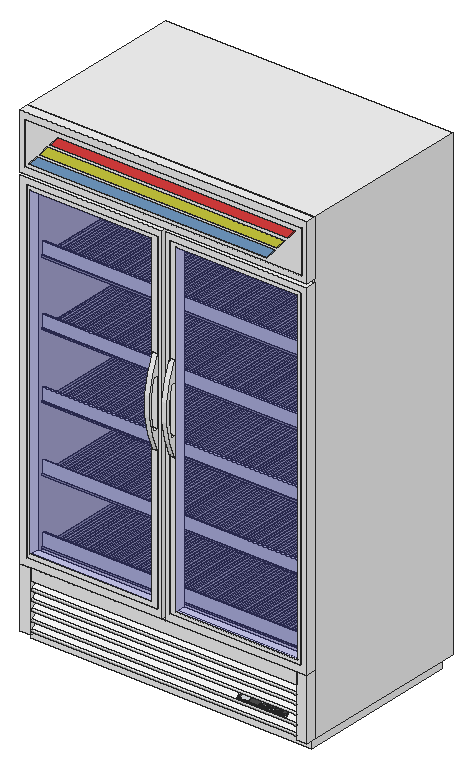
Revit family "QF_TRUE_GDM-43F-HC~TSL01", category Specialty Equipment, Revit 2016
Family settings
  Part Type = Normal
  Round Connector Dimension = Use Diameter
  Work Plane-Based = No
  Always vertical = Yes
  Cut with Voids When Loaded = No
  Shared = No
  Room Calculation Point = No
Parameters
  Weight in Pounds = 550
  Watts = if(Phase = 3, Volts * FL Amps * 1.73, Volts * FL Amps)  # 1219 W
  Volts = 115 V
  URL Cutsheet = ""
  Specification by User = ""
  Specification by Manufacturer = ""
  Show Default Legs [instance] = if(or(Show 6 Inches Standard Legs, Show 2.5 Inches Castors), or(Show 4 Inches Castors, and(Show 6 Inches Standard Legs, Show 2.5 Inches Castors), and(Show 2.5 Inches Castors, Show 6 Inches Seismic Flanged Legs)), if(Show 4 Inches Castors, Show 6 Inches Seismic Flanged Legs, not(Show 6 Inches Seismic Flanged Legs)))  # yes
  Show Clearance [instance] = yes
  Show 6 Inches Standard Legs [instance] = no
  Show 6 Inches Seismic Flanged Legs [instance] = no
  Show 4 Inches Castors [instance] = no
  Show 2.5 Inches Castors [instance] = no
  Serial Number = ""
  Seismic Rating = ""
  SMACNA No = ""
  Revision Code = ""
  Phase = 1
  Number of Poles = 1
  NAFEM Spec ID Number = ""
  Model = "GDM-43F-HC~TSL01"
  Min Ckt Ampacity = 0 A
  Max Overcurrent Protection = 0 A
  Materials and Finishes = QF_Plastic - White - Smooth
  Masterspec = ""
  Manufacturer = "TRUE"
  Length = 47 1/8"
  Item Number = ""
  Installed By = ""
  Identify Quantity as Lot = yes
  Height [instance] = Body Height + Base Height  # 78 5/8"
  HP = "1/2"
  Furnished By = ""
  Foodservice Equipment Identifier = yes
  FL Amps = 10.6 A
  Electrical Remarks = ""
  Electric Connection Type = ""
  Elec Conn RI Height = 0"
  Elec Conn Connection Height = 0"
  Description = "SWING DOOR FREEZER WITH HYDROCARBON REFRIGERANT~TRUE STANDARD LOOK VERSION 01"
  Depth = 29 7/8"
  Cycle = 60 Hz
  Conn Plug = "NEMA 5-20P"
  Conn Conduit = yes
  CSI MasterFormat = ""
  Body Height [instance] = 78 5/16"  # constant formula
  Base Height [instance] = if(Show Default Legs, 5/16", if(Show 2.5 Inches Castors, 2 1/2", if(Show 6 Inches Standard Legs, 6", if(Show 4 Inches Castors, 4", if(Show 6 Inches Seismic Flanged Legs, 6", 5" / 16)))))  # 5/16"
  Apparent Power = if(Phase = 3, Volts * FL Amps * 1.73, Volts * FL Amps)  # 1219 VA
  6 Inches Standard Legs [instance] = and(Show 6 Inches Standard Legs, not(Show Default Legs))  # no
  6 Inches Seismic Flanged Legs [instance] = and(Show 6 Inches Seismic Flanged Legs, not(Show Default Legs))  # no
  4 Inches Castors [instance] = and(Show 4 Inches Castors, not(Show Default Legs))  # no
  2.5 Inches Casters [instance] = and(Show 2.5 Inches Castors, not(Show Default Legs))  # no
Reference planes (in)
  plane 1 "BACK": y = 0
  plane 2: z = 0
  plane 3 "LEFT": x = 0
  plane 4 "RIGHT": x = 47.125
  plane 5 "FRONT": y = -29.875
  plane 6 "TOP": z = 0.3125
  plane 7 "Center Y": x = 23.5625
  plane 8 "Center X": y = -14.9375
  plane 9: z = 78.625
Dimensions and locks (in)
  equal spacing: plane 3 "LEFT", plane 7 "Center Y", plane 4 "RIGHT"
  "Length": plane 3 "LEFT" to plane 4 "RIGHT"
  equal spacing: plane 5 "FRONT", plane 8 "Center X", plane 1 "BACK"
  "Depth": plane 5 "FRONT" to plane 1 "BACK"
  "Base Height": plane 6 "TOP" to level
  "Body Height": plane 9 to plane 6 "TOP"
  aligned and locked: plane 2 to level
  aligned and locked: plane 6 "TOP" to nested 1
  aligned and locked: plane 9 to nested 1
Nested families (in)
  nested 1: "GDM-43F-HC~TSL01" at (0, 0, 0), Show Clearance <- "Show Clearance", Materials and Finishes <- "Materials and Finishes", type "GDM-43F-HC~TSL01"
    with Show Clearance yes, Materials and Finishes QF_Plastic - White - Smooth
  nested 2: "CASTER-LEGS" at (2.3318, -25.87557, 0), Show Siesmic Flanged <- "Show 6 Inches Seismic Flanged Legs", Show 6 Inches Legs <- "Show 6 Inches Standard Legs", Show 4" Casters <- "Show 4 Inches Castors", Show 2.5 Casters <- "Show 2.5 Inches Castors", type "CASTER-LEGS"
    with Type Mark "", Status "", Specification by User "", Show Siesmic Flanged no, Show 6 Inches Legs no, Show 4" Casters no, Show 2.5 Casters no, Revision Code "", Low Profile yes, Item Number "", Installed By "", Identify Quantity as Lot yes, Furnished By "", Foodservice Equipment Identifier yes
  nested 3: "CASTER-LEGS" at (44.79837, -25.87557, 0), Show Siesmic Flanged <- "Show 6 Inches Seismic Flanged Legs", Show 6 Inches Legs <- "Show 6 Inches Standard Legs", Show 4" Casters <- "Show 4 Inches Castors", Show 2.5 Casters <- "Show 2.5 Inches Castors", type "CASTER-LEGS"
    with Type Mark "", Status "", Specification by User "", Show Siesmic Flanged no, Show 6 Inches Legs no, Show 4" Casters no, Show 2.5 Casters no, Revision Code "", Low Profile yes, Item Number "", Installed By "", Identify Quantity as Lot yes, Furnished By "", Foodservice Equipment Identifier yes
  nested 4: "CASTER-LEGS" at (2.3318, -2.87557, 0), Show Siesmic Flanged <- "Show 6 Inches Seismic Flanged Legs", Show 6 Inches Legs <- "Show 6 Inches Standard Legs", Show 4" Casters <- "Show 4 Inches Castors", Show 2.5 Casters <- "Show 2.5 Inches Castors", type "CASTER-LEGS"
    with Type Mark "", Status "", Specification by User "", Show Siesmic Flanged no, Show 6 Inches Legs no, Show 4" Casters no, Show 2.5 Casters no, Revision Code "", Low Profile yes, Item Number "", Installed By "", Identify Quantity as Lot yes, Furnished By "", Foodservice Equipment Identifier yes
  nested 5: "CASTER-LEGS" at (44.79837, -2.87557, 0), Show Siesmic Flanged <- "Show 6 Inches Seismic Flanged Legs", Show 6 Inches Legs <- "Show 6 Inches Standard Legs", Show 4" Casters <- "Show 4 Inches Castors", Show 2.5 Casters <- "Show 2.5 Inches Castors", type "CASTER-LEGS"
    with Type Mark "", Status "", Specification by User "", Show Siesmic Flanged no, Show 6 Inches Legs no, Show 4" Casters no, Show 2.5 Casters no, Revision Code "", Low Profile yes, Item Number "", Installed By "", Identify Quantity as Lot yes, Furnished By "", Foodservice Equipment Identifier yes
Connectors (in)
  electrical at (23.5625, 0.32603, 5.97202), driven by "Volts", driven by "Watts"
    settings: on nested 1, index 1, voltage 115 V, apparent load 1219 VA, apparent load phase1 0 VA, apparent load phase2 0 VA, apparent load phase3 0 VA, power factor 1, load classification "Other", number of poles 1, system type 30, power factor state 1, is connector primary yes, connector utility no, sub classification motor no, connector description "ELECTRICAL CONNECTION"
Definition of nested family "GDM-43F-HC~TSL01"
  Parameters (values of type "GDM-43F-HC~TSL01")
    Weight in Pounds = 0
    Watts = if(Phase = 3, Volts * FL Amps * 1.73, Volts * FL Amps)  # 230 W
    Volts = 115 V
    URL Cutsheet = ""
    Specification by User = ""
    Specification by Manufacturer = ""
    Show Logo [instance] = yes
    Show Default Legs [instance] = yes
    Show Clearance [instance] = yes
    Serial Number = ""
    Seismic Rating = ""
    SMACNA No = ""
    Revision Code = ""
    Phase = 1
    Number of Poles = 1
    NAFEM Spec ID Number = ""
    Model = ""
    Min Ckt Ampacity = 0 A
    Max Overcurrent Protection = 0 A
    Materials and Finishes [instance] = none
    Masterspec = ""
    Manufacturer = ""
    Length = 47 1/8"
    Item Number = ""
    Installed By = ""
    Identify Quantity as Lot = yes
    Height = 78 5/8"
    HP = "1/4"
    Furnished By = ""
    Foodservice Equipment Identifier = yes
    FL Amps = 2 A
    Electrical Remarks = ""
    Electric Connection Type = ""
    Elec Conn RI Height = 0"
    Elec Conn Connection Height = 0"
    Description = ""
    Depth = 29 7/8"
    Cycle = 60 Hz
    Conn Plug = "5-15P"
    Conn Conduit = yes
    CSI MasterFormat = ""
    Apparent Power = if(Phase = 3, Volts * FL Amps * 1.73, Volts * FL Amps)  # 230 VA
  Reference planes (in)
    plane 1 "BACK": y = 0
    plane 2: z = 0
    plane 3 "LEFT": x = 0
    plane 4 "RIGHT": x = 47.125
    plane 5 "FRONT": y = -29.875
    plane 6 "TOP": z = 78.625
    plane 7 "Center Y": x = 23.5625
    plane 8 "Center X": y = -14.9375
    plane 9: z = 0.3125
    plane 10: y = -31.5
    plane 11: y = -51.375
  Forms (in)
    Extrusion 1, solid, material <- "Materials and Finishes"
      sketch origin (0, 1.625, 0) x (1, 0, 0) y (0, 0, 1)
        loop
          line (0, 78.625) -> (0, 1.91181) -> (47.125, 1.91181) -> (47.125, 78.625) -> (0, 78.625)
        loop
          line (1.08719, 69.5094) -> (1.08719, 12.99299) -> (46.03781, 12.99299) -> (46.03781, 69.5094) -> (1.08719, 69.5094)
      from 1.625 to 29.875
    Extrusion 2, solid, material <- "Materials and Finishes"
      sketch origin (0, -28.25, 0) x (1, 0, 0) y (0, 0, 1)
        loop
          line (0, 78.625) -> (0, 69.5094) -> (47.125, 69.5094) -> (47.125, 78.625) -> (0, 78.625)
        loop
          line (0.73362, 77.46399) -> (0.73362, 70.46399) -> (46.23362, 70.46399) -> (46.23362, 77.46399) -> (0.73362, 77.46399)
      from 1.625 to 0
    Extrusion 3, solid
      sketch origin (0, -28.25, 0) x (1, 0, 0) y (0, 0, 1)
        loop
          line (4.86851, 75.12294) -> (43.91739, 75.12294) -> (45.17604, 76.62294) -> (6.12716, 76.62294) -> (4.86851, 75.12294)
      from 1.625 to 0
    Extrusion 4, solid, material <- "Materials and Finishes"
      sketch origin (0, -28.25, 0) x (1, 0, 0) y (0, 0, 1)
        loop
          line (0.73362, 77.46399) -> (0.73362, 70.46399) -> (46.23362, 70.46399) -> (46.23362, 77.46399) -> (0.73362, 77.46399)
        loop
          line (4.86851, 75.12294) -> (43.91739, 75.12294) -> (45.17604, 76.62294) -> (6.12716, 76.62294) -> (4.86851, 75.12294)
        loop
          line (3.19031, 73.12294) -> (42.23919, 73.12294) -> (43.49784, 74.62294) -> (4.44896, 74.62294) -> (3.19031, 73.12294)
        loop
          line (1.51211, 71.12294) -> (40.56099, 71.12294) -> (41.81964, 72.62294) -> (2.77076, 72.62294) -> (1.51211, 71.12294)
      from 1.625 to 0
    Extrusion 5, solid
      sketch origin (0, -28.25, 0) x (1, 0, 0) y (0, 0, 1)
        loop
          line (3.19031, 73.12294) -> (42.23919, 73.12294) -> (43.49784, 74.62294) -> (4.44896, 74.62294) -> (3.19031, 73.12294)
      from 1.625 to 0
    Extrusion 6, solid
      sketch origin (0, -28.25, 0) x (1, 0, 0) y (0, 0, 1)
        loop
          line (1.51211, 71.12294) -> (40.56099, 71.12294) -> (41.81964, 72.62294) -> (2.77076, 72.62294) -> (1.51211, 71.12294)
      from 1.625 to 0
    Extrusion 7, solid, material <- "Materials and Finishes"
      sketch origin (0, -28.25, 0) x (1, 0, 0) y (0, 0, 1)
        loop
          line (0, 11.86572) -> (0, 1.91181) -> (1.73646, 1.91181) -> (1.73646, 11.86572) -> (0, 11.86572)
        loop
          line (47.125, 11.86572) -> (45.38854, 11.86572) -> (45.38854, 1.91181) -> (47.125, 1.91181) -> (47.125, 11.86572)
      from 0 to 1.625
    Extrusion 8, solid, material <- "Materials and Finishes"
      sketch origin (0, -28.25, 0) x (1, 0, 0) y (0, 0, 1)
        loop
          line (1.73646, 11.86572) -> (1.73646, 9.96741) -> (45.38854, 9.96741) -> (45.38854, 11.86572) -> (1.73646, 11.86572)
      from 0 to 1.625
    Extrusion 9, solid, material <- "Materials and Finishes"
      sketch origin (0, -28.25, 0) x (1, 0, 0) y (0, 0, 1)
        loop
          line (0, 11.86572) -> (23.25, 11.86572) -> (23.25, 69.0094) -> (0, 69.0094) -> (0, 11.86572)
        loop
          line (22.58719, 68.01433) -> (1.08719, 68.01433) -> (1.08719, 12.99299) -> (22.58719, 12.99299) -> (22.58719, 68.01433)
      from 1.625 to 0
    Extrusion 10, solid, material <- "Materials and Finishes"
      sketch origin (47.125, -28.25, 0) x (-1, 0, 0) y (0, 0, -1)
        loop
          line (0, -11.86572) -> (0, -69.0094) -> (23.25, -69.0094) -> (23.25, -11.86572) -> (0, -11.86572)
        loop
          line (22.58719, -68.01433) -> (22.58719, -12.99299) -> (1.08719, -12.99299) -> (1.08719, -68.01433) -> (22.58719, -68.01433)
      from 1.625 to 0
    Extrusion 11, solid, material <- "Materials and Finishes"
      sketch origin (0, -28.25, 0) x (1, 0, 0) y (0, 0, 1)
        loop
          line (22.58719, 68.01433) -> (1.08719, 68.01433) -> (1.08719, 12.99299) -> (22.58719, 12.99299) -> (22.58719, 68.01433)
        loop
          line (1.56873, 67.3112) -> (1.56873, 13.69484) -> (21.56873, 13.69484) -> (21.56873, 67.3112) -> (1.56873, 67.3112)
        loop
          line (24.53781, 68.01433) -> (24.53781, 12.99299) -> (46.03781, 12.99299) -> (46.03781, 68.01433) -> (24.53781, 68.01433)
        loop
          line (45.55627, 67.3112) -> (25.55627, 67.3112) -> (25.55627, 13.69484) -> (45.55627, 13.69484) -> (45.55627, 67.3112)
      from 1.50681 to 0
    Extrusion 12, solid
      sketch origin (0, -29.75681, 0) x (1, 0, 0) y (0, 0, 1)
        loop
          line (1.56873, 67.3112) -> (1.56873, 13.69484) -> (21.56873, 13.69484) -> (21.56873, 67.3112) -> (1.56873, 67.3112)
        loop
          line (45.55627, 67.3112) -> (25.55627, 67.3112) -> (25.55627, 13.69484) -> (45.55627, 13.69484) -> (45.55627, 67.3112)
      from -0.25 to 0
    Extrusion 13, solid, material <- "Materials and Finishes"
      sketch origin (0, 0, 0) x (-1, 0, 0) y (0, 0, 1)
        loop
          line (-46.03781, 12.99299) -> (-1.08719, 12.99299) -> (-1.08719, 69.5094) -> (-46.03781, 69.5094) -> (-46.03781, 12.99299)
      from 0 to -0.25
    Extrusion 14, solid, material <- "Materials and Finishes"
      sketch origin (1.73646, -28.25, 11.86572) x (0, 0, -1) y (0, 1, 0)
        loop
          line (2.03924, 0) -> (3.03698, -1.47921)
          arc (3.03698, -1.47921) -> (3.38404, -1.54667) -> (3.4515, -1.19961) r 0.25
          line (3.4515, -1.19961) -> (2.64235, 0) -> (2.03924, 0)
        loop
          line (3.54027, 0) -> (4.54111, -1.4838)
          arc (4.54111, -1.4838) -> (4.88816, -1.55126) -> (4.95562, -1.20421) r 0.25
          line (4.95562, -1.20421) -> (4.14338, 0) -> (3.54027, 0)
        loop
          line (5.05723, 0) -> (6.03901, -1.45555)
          arc (6.03901, -1.45555) -> (6.38607, -1.52301) -> (6.45353, -1.17595) r 0.25
          line (6.45353, -1.17595) -> (5.66034, 0) -> (5.05723, 0)
        loop
          line (6.57419, 0) -> (7.57197, -1.47927)
          arc (7.57197, -1.47927) -> (7.91903, -1.54673) -> (7.98649, -1.19967) r 0.25
          line (7.98649, -1.19967) -> (7.1773, 0) -> (6.57419, 0)
        loop
          line (8.09115, 0) -> (9.08758, -1.47726)
          arc (9.08758, -1.47726) -> (9.43463, -1.54472) -> (9.5021, -1.19766) r 0.25
          line (9.5021, -1.19766) -> (8.69426, 0) -> (8.09115, 0)
      from 0 to 43.65208
    Extrusion 15, solid, material <- "Materials and Finishes"
      sketch origin (0, 1.625, 0) x (1, 0, 0) y (0, 0, 1)
        loop
          line (0.39673, 0.3125) -> (46.60065, 0.3125) -> (46.60065, 1.91181) -> (0.39673, 1.91181) -> (0.39673, 0.3125)
      from 3.25 to 29.875
    Revolve 16, solid, material <- "Materials and Finishes", visible <- "Show Default Legs"
      sketch origin (0, -26.375, 0) x (1, 0, 0) y (0, 0, 1)
        loop
          line (1.38444, 0) -> (2.32663, 0) -> (2.32663, 0.3125) -> (1.38444, 0.3125) -> (1.38444, 0)
        axis (2.32663, 0) -> (2.32663, 0.3125)
      angle from 0 to 360
    Revolve 17, solid, material <- "Materials and Finishes", visible <- "Show Default Legs"
      sketch origin (47.125, -26.375, 0) x (-1, 0, 0) y (0, 0, 1)
        loop
          line (1.38444, 0) -> (2.32663, 0) -> (2.32663, 0.3125) -> (1.38444, 0.3125) -> (1.38444, 0)
        axis (2.32663, 0) -> (2.32663, 0.3125)
      angle from 0 to 360
    Revolve 18, solid, material <- "Materials and Finishes", visible <- "Show Default Legs"
      sketch origin (0, -3.3125, 0) x (1, 0, 0) y (0, 0, -1)
        loop
          line (1.38444, 0) -> (1.38444, -0.3125) -> (2.32663, -0.3125) -> (2.32663, 0) -> (1.38444, 0)
        axis (2.32663, 0) -> (2.32663, -0.3125)
      angle from 0 to 360
    Revolve 19, solid, material <- "Materials and Finishes", visible <- "Show Default Legs"
      sketch origin (47.125, -3.3125, 0) x (-1, 0, 0) y (0, 0, 1)
        loop
          line (1.38444, 0) -> (2.32663, 0) -> (2.32663, 0.3125) -> (1.38444, 0.3125) -> (1.38444, 0)
        axis (2.32663, 0) -> (2.32663, 0.3125)
      angle from 0 to 360
    Extrusion 20, solid, material <- "Materials and Finishes"
      sketch origin (0.41945, -9.07209, 2.26089) x (0, 1, 0) y (0, 0, 1)
        loop
          arc (-20.70916, 48.37123) -> (-22.42791, 41.18624) -> (-20.70916, 34.00125) r 15.87728
          line (-20.70916, 34.00125) -> (-20.70916, 37.28351) -> (-21.42204, 37.28351)
          arc (-21.42204, 37.28351) -> (-21.59429, 37.34185) -> (-21.69564, 37.49287) r 0.28347
          arc (-21.69564, 37.49287) -> (-22.19319, 41.21217) -> (-21.70658, 44.93293) r 14.30744
          arc (-21.70658, 44.93293) -> (-21.63141, 45.04547) -> (-21.50325, 45.08898) r 0.21048
          line (-21.50325, 45.08898) -> (-20.70916, 45.08898) -> (-20.70916, 48.37123)
      from 21.28857 to 22.16773
    Extrusion 21, solid, material <- "Materials and Finishes"
      sketch origin (46.70555, -9.07209, 2.26089) x (0, 1, 0) y (0, 0, -1)
        loop
          line (-20.70916, -48.37123) -> (-20.70916, -45.08898) -> (-21.50325, -45.08898)
          arc (-21.50325, -45.08898) -> (-21.63141, -45.04547) -> (-21.70658, -44.93293) r 0.21048
          arc (-21.70658, -44.93293) -> (-22.19319, -41.21217) -> (-21.69564, -37.49287) r 14.30744
          arc (-21.69564, -37.49287) -> (-21.59429, -37.34185) -> (-21.42204, -37.28351) r 0.28347
          line (-21.42204, -37.28351) -> (-20.70916, -37.28351) -> (-20.70916, -34.00125)
          arc (-20.70916, -34.00125) -> (-22.42791, -41.18624) -> (-20.70916, -48.37123) r 15.87728
      from 21.28857 to 22.16773
    Extrusion 22, solid, material <- "Materials and Finishes"
      sketch origin (0, 0, 0) x (-1, 0, 0) y (0, 0, 1)
        loop
          circle (-23.5625, 5.97202) r 0.5
      from 0 to 0.32603
    Extrusion 23, solid, visible <- "Show Clearance", detail levels coarse
      sketch origin (0, 0, 0) x (1, 0, 0) y (0, 1, 0)
        loop
          line (0, -29.875) -> (0, -51.375)
          arc (0, -51.375) -> (15.90631, -45.47097) -> (22.58719, -29.875) r 21.51375
          line (22.58719, -29.875) -> (0, -29.875)
        loop
          line (47.125, -29.875) -> (24.53781, -29.875)
          arc (24.53781, -29.875) -> (31.21869, -45.47097) -> (47.125, -51.375) r 21.51375
          line (47.125, -51.375) -> (47.125, -29.875)
      from 69.0094 to 11.86572
    Extrusion 24, solid
      sketch origin (-7.62016, -176.1875, 24) x (-1, 0, 0) y (0, -1, 0)
        loop
          line (-8.70735, -149.1875) -> (-53.65797, -149.1875) -> (-53.65797, -173.375) -> (-8.70735, -173.375) -> (-8.70735, -149.1875)
        loop
          line (-8.95735, -149.4375) -> (-53.40797, -149.4375) -> (-53.40797, -173.125) -> (-8.95735, -173.125) -> (-8.95735, -149.4375)
      from 0 to 0.25
    Extrusion 25, solid
      sketch origin (-0.69406, -7.25, 1.1347) x (0, 1, 0) y (0, 0, 1)
        loop
          line (-19.60938, 23.1153) -> (-19.35938, 23.1153) -> (-19.35938, 25.1153) -> (-19.60938, 25.1153) -> (-19.60938, 23.1153)
      from 1.78125 to 46.73187
    Extrusion 26, solid
      sketch origin (-7.62016, -176.1875, 34.7125) x (-1, 0, 0) y (0, -1, 0)
        loop
          line (-8.70735, -149.1875) -> (-53.65797, -149.1875) -> (-53.65797, -173.375) -> (-8.70735, -173.375) -> (-8.70735, -149.1875)
        loop
          line (-8.95735, -149.4375) -> (-53.40797, -149.4375) -> (-53.40797, -173.125) -> (-8.95735, -173.125) -> (-8.95735, -149.4375)
      from 0 to 0.25
    Extrusion 27, solid
      sketch origin (-0.69406, -7.25, 11.8472) x (0, 1, 0) y (0, 0, 1)
        loop
          line (-19.60938, 23.1153) -> (-19.35938, 23.1153) -> (-19.35938, 25.1153) -> (-19.60938, 25.1153) -> (-19.60938, 23.1153)
      from 1.78125 to 46.73187
    Extrusion 28, solid
      sketch origin (-7.62016, -176.1875, 45.425) x (-1, 0, 0) y (0, -1, 0)
        loop
          line (-8.70735, -149.1875) -> (-53.65797, -149.1875) -> (-53.65797, -173.375) -> (-8.70735, -173.375) -> (-8.70735, -149.1875)
        loop
          line (-8.95735, -149.4375) -> (-53.40797, -149.4375) -> (-53.40797, -173.125) -> (-8.95735, -173.125) -> (-8.95735, -149.4375)
      from 0 to 0.25
    Extrusion 29, solid
      sketch origin (-0.69406, -7.25, 22.5597) x (0, 1, 0) y (0, 0, 1)
        loop
          line (-19.60938, 23.1153) -> (-19.35938, 23.1153) -> (-19.35938, 25.1153) -> (-19.60938, 25.1153) -> (-19.60938, 23.1153)
      from 1.78125 to 46.73187
    Extrusion 30, solid
      sketch origin (-7.62016, -176.1875, 56.1375) x (-1, 0, 0) y (0, -1, 0)
        loop
          line (-8.70735, -149.1875) -> (-53.65797, -149.1875) -> (-53.65797, -173.375) -> (-8.70735, -173.375) -> (-8.70735, -149.1875)
        loop
          line (-8.95735, -149.4375) -> (-53.40797, -149.4375) -> (-53.40797, -173.125) -> (-8.95735, -173.125) -> (-8.95735, -149.4375)
      from 0 to 0.25
    Extrusion 31, solid
      sketch origin (-0.66281, -4.875, 29.65312) x (1, 0, 0) y (0, 0, 1)
        loop
          circle (10.1875, 26.73438) r 0.125
        loop
          circle (9.6875, 26.73438) r 0.125
        loop
          circle (9.1875, 26.73438) r 0.125
        loop
          circle (8.6875, 26.73438) r 0.125
        loop
          circle (8.1875, 26.73438) r 0.125
        loop
          circle (7.6875, 26.73438) r 0.125
        loop
          circle (7.1875, 26.73438) r 0.125
        loop
          circle (6.6875, 26.73438) r 0.125
        loop
          circle (6.1875, 26.73438) r 0.125
        loop
          circle (5.6875, 26.73438) r 0.125
        loop
          circle (5.1875, 26.73438) r 0.125
        loop
          circle (4.6875, 26.73438) r 0.125
        loop
          circle (4.1875, 26.73438) r 0.125
        loop
          circle (3.6875, 26.73438) r 0.125
        loop
          circle (3.1875, 26.73438) r 0.125
        loop
          circle (2.6875, 26.73438) r 0.125
        loop
          circle (10.6875, 26.73438) r 0.125
        loop
          circle (11.1875, 26.73438) r 0.125
        loop
          circle (11.6875, 26.73438) r 0.125
        loop
          circle (12.1875, 26.73438) r 0.125
        loop
          circle (12.6875, 26.73438) r 0.125
        loop
          circle (13.1875, 26.73438) r 0.125
        loop
          circle (13.6875, 26.73438) r 0.125
        loop
          circle (14.1875, 26.73438) r 0.125
        loop
          circle (14.6875, 26.73438) r 0.125
        loop
          circle (15.1875, 26.73438) r 0.125
        loop
          circle (15.6875, 26.73438) r 0.125
        loop
          circle (16.1875, 26.73438) r 0.125
        loop
          circle (16.6875, 26.73438) r 0.125
        loop
          circle (17.1875, 26.73438) r 0.125
        loop
          circle (17.6875, 26.73438) r 0.125
        loop
          circle (18.1875, 26.73438) r 0.125
        loop
          circle (26.1875, 26.73438) r 0.125
        loop
          circle (25.6875, 26.73438) r 0.125
        loop
          circle (25.1875, 26.73438) r 0.125
        loop
          circle (24.6875, 26.73438) r 0.125
        loop
          circle (24.1875, 26.73438) r 0.125
        loop
          circle (23.6875, 26.73438) r 0.125
        loop
          circle (23.1875, 26.73438) r 0.125
        loop
          circle (22.6875, 26.73438) r 0.125
        loop
          circle (22.1875, 26.73438) r 0.125
        loop
          circle (21.6875, 26.73438) r 0.125
        loop
          circle (21.1875, 26.73438) r 0.125
        loop
          circle (20.6875, 26.73438) r 0.125
        loop
          circle (20.1875, 26.73438) r 0.125
        loop
          circle (19.6875, 26.73438) r 0.125
        loop
          circle (19.1875, 26.73438) r 0.125
        loop
          circle (18.6875, 26.73438) r 0.125
        loop
          circle (26.6875, 26.73438) r 0.125
        loop
          circle (27.1875, 26.73438) r 0.125
        loop
          circle (27.6875, 26.73438) r 0.125
        loop
          circle (28.1875, 26.73438) r 0.125
        loop
          circle (28.6875, 26.73438) r 0.125
        loop
          circle (29.1875, 26.73438) r 0.125
        loop
          circle (29.6875, 26.73438) r 0.125
        loop
          circle (30.1875, 26.73438) r 0.125
        loop
          circle (30.6875, 26.73438) r 0.125
        loop
          circle (31.1875, 26.73438) r 0.125
        loop
          circle (31.6875, 26.73438) r 0.125
        loop
          circle (32.1875, 26.73438) r 0.125
        loop
          circle (32.6875, 26.73438) r 0.125
        loop
          circle (33.1875, 26.73438) r 0.125
        loop
          circle (33.6875, 26.73438) r 0.125
        loop
          circle (34.1875, 26.73438) r 0.125
        loop
          circle (42.1875, 26.73438) r 0.125
        loop
          circle (41.6875, 26.73438) r 0.125
        loop
          circle (41.1875, 26.73438) r 0.125
        loop
          circle (40.6875, 26.73438) r 0.125
        loop
          circle (40.1875, 26.73438) r 0.125
        loop
          circle (39.6875, 26.73438) r 0.125
        loop
          circle (39.1875, 26.73438) r 0.125
        loop
          circle (38.6875, 26.73438) r 0.125
        loop
          circle (38.1875, 26.73438) r 0.125
        loop
          circle (37.6875, 26.73438) r 0.125
        loop
          circle (37.1875, 26.73438) r 0.125
        loop
          circle (36.6875, 26.73438) r 0.125
        loop
          circle (36.1875, 26.73438) r 0.125
        loop
          circle (35.6875, 26.73438) r 0.125
        loop
          circle (35.1875, 26.73438) r 0.125
        loop
          circle (34.6875, 26.73438) r 0.125
        loop
          circle (42.6875, 26.73438) r 0.125
        loop
          circle (43.1875, 26.73438) r 0.125
        loop
          circle (43.6875, 26.73438) r 0.125
        loop
          circle (44.1875, 26.73438) r 0.125
        loop
          circle (44.6875, 26.73438) r 0.125
        loop
          circle (45.1875, 26.73438) r 0.125
        loop
          circle (45.6875, 26.73438) r 0.125
      from -2.0625 to 21.875
    Extrusion 32, solid
      sketch origin (-0.69406, -7.25, 33.2722) x (0, 1, 0) y (0, 0, 1)
        loop
          line (-19.60938, 23.1153) -> (-19.35938, 23.1153) -> (-19.35938, 25.1153) -> (-19.60938, 25.1153) -> (-19.60938, 23.1153)
      from 1.78125 to 46.73187
    Extrusion 33, solid
      sketch origin (-0.66281, -4.875, 18.94062) x (1, 0, 0) y (0, 0, 1)
        loop
          circle (10.1875, 26.73438) r 0.125
        loop
          circle (9.6875, 26.73438) r 0.125
        loop
          circle (9.1875, 26.73438) r 0.125
        loop
          circle (8.6875, 26.73438) r 0.125
        loop
          circle (8.1875, 26.73438) r 0.125
        loop
          circle (7.6875, 26.73438) r 0.125
        loop
          circle (7.1875, 26.73438) r 0.125
        loop
          circle (6.6875, 26.73438) r 0.125
        loop
          circle (6.1875, 26.73438) r 0.125
        loop
          circle (5.6875, 26.73438) r 0.125
        loop
          circle (5.1875, 26.73438) r 0.125
        loop
          circle (4.6875, 26.73438) r 0.125
        loop
          circle (4.1875, 26.73438) r 0.125
        loop
          circle (3.6875, 26.73438) r 0.125
        loop
          circle (3.1875, 26.73438) r 0.125
        loop
          circle (2.6875, 26.73438) r 0.125
        loop
          circle (10.6875, 26.73438) r 0.125
        loop
          circle (11.1875, 26.73438) r 0.125
        loop
          circle (11.6875, 26.73438) r 0.125
        loop
          circle (12.1875, 26.73438) r 0.125
        loop
          circle (12.6875, 26.73438) r 0.125
        loop
          circle (13.1875, 26.73438) r 0.125
        loop
          circle (13.6875, 26.73438) r 0.125
        loop
          circle (14.1875, 26.73438) r 0.125
        loop
          circle (14.6875, 26.73438) r 0.125
        loop
          circle (15.1875, 26.73438) r 0.125
        loop
          circle (15.6875, 26.73438) r 0.125
        loop
          circle (16.1875, 26.73438) r 0.125
        loop
          circle (16.6875, 26.73438) r 0.125
        loop
          circle (17.1875, 26.73438) r 0.125
        loop
          circle (17.6875, 26.73438) r 0.125
        loop
          circle (18.1875, 26.73438) r 0.125
        loop
          circle (26.1875, 26.73438) r 0.125
        loop
          circle (25.6875, 26.73438) r 0.125
        loop
          circle (25.1875, 26.73438) r 0.125
        loop
          circle (24.6875, 26.73438) r 0.125
        loop
          circle (24.1875, 26.73438) r 0.125
        loop
          circle (23.6875, 26.73438) r 0.125
        loop
          circle (23.1875, 26.73438) r 0.125
        loop
          circle (22.6875, 26.73438) r 0.125
        loop
          circle (22.1875, 26.73438) r 0.125
        loop
          circle (21.6875, 26.73438) r 0.125
        loop
          circle (21.1875, 26.73438) r 0.125
        loop
          circle (20.6875, 26.73438) r 0.125
        loop
          circle (20.1875, 26.73438) r 0.125
        loop
          circle (19.6875, 26.73438) r 0.125
        loop
          circle (19.1875, 26.73438) r 0.125
        loop
          circle (18.6875, 26.73438) r 0.125
        loop
          circle (26.6875, 26.73438) r 0.125
        loop
          circle (27.1875, 26.73438) r 0.125
        loop
          circle (27.6875, 26.73438) r 0.125
        loop
          circle (28.1875, 26.73438) r 0.125
        loop
          circle (28.6875, 26.73438) r 0.125
        loop
          circle (29.1875, 26.73438) r 0.125
        loop
          circle (29.6875, 26.73438) r 0.125
        loop
          circle (30.1875, 26.73438) r 0.125
        loop
          circle (30.6875, 26.73438) r 0.125
        loop
          circle (31.1875, 26.73438) r 0.125
        loop
          circle (31.6875, 26.73438) r 0.125
        loop
          circle (32.1875, 26.73438) r 0.125
        loop
          circle (32.6875, 26.73438) r 0.125
        loop
          circle (33.1875, 26.73438) r 0.125
        loop
          circle (33.6875, 26.73438) r 0.125
        loop
          circle (34.1875, 26.73438) r 0.125
        loop
          circle (42.1875, 26.73438) r 0.125
        loop
          circle (41.6875, 26.73438) r 0.125
        loop
          circle (41.1875, 26.73438) r 0.125
        loop
          circle (40.6875, 26.73438) r 0.125
        loop
          circle (40.1875, 26.73438) r 0.125
        loop
          circle (39.6875, 26.73438) r 0.125
        loop
          circle (39.1875, 26.73438) r 0.125
        loop
          circle (38.6875, 26.73438) r 0.125
        loop
          circle (38.1875, 26.73438) r 0.125
        loop
          circle (37.6875, 26.73438) r 0.125
        loop
          circle (37.1875, 26.73438) r 0.125
        loop
          circle (36.6875, 26.73438) r 0.125
        loop
          circle (36.1875, 26.73438) r 0.125
        loop
          circle (35.6875, 26.73438) r 0.125
        loop
          circle (35.1875, 26.73438) r 0.125
        loop
          circle (34.6875, 26.73438) r 0.125
        loop
          circle (42.6875, 26.73438) r 0.125
        loop
          circle (43.1875, 26.73438) r 0.125
        loop
          circle (43.6875, 26.73438) r 0.125
        loop
          circle (44.1875, 26.73438) r 0.125
        loop
          circle (44.6875, 26.73438) r 0.125
        loop
          circle (45.1875, 26.73438) r 0.125
        loop
          circle (45.6875, 26.73438) r 0.125
      from -2.0625 to 21.875
    Extrusion 34, solid
      sketch origin (-0.66281, -4.875, 8.22812) x (1, 0, 0) y (0, 0, 1)
        loop
          circle (10.1875, 26.73438) r 0.125
        loop
          circle (9.6875, 26.73438) r 0.125
        loop
          circle (9.1875, 26.73438) r 0.125
        loop
          circle (8.6875, 26.73438) r 0.125
        loop
          circle (8.1875, 26.73438) r 0.125
        loop
          circle (7.6875, 26.73438) r 0.125
        loop
          circle (7.1875, 26.73438) r 0.125
        loop
          circle (6.6875, 26.73438) r 0.125
        loop
          circle (6.1875, 26.73438) r 0.125
        loop
          circle (5.6875, 26.73438) r 0.125
        loop
          circle (5.1875, 26.73438) r 0.125
        loop
          circle (4.6875, 26.73438) r 0.125
        loop
          circle (4.1875, 26.73438) r 0.125
        loop
          circle (3.6875, 26.73438) r 0.125
        loop
          circle (3.1875, 26.73438) r 0.125
        loop
          circle (2.6875, 26.73438) r 0.125
        loop
          circle (10.6875, 26.73438) r 0.125
        loop
          circle (11.1875, 26.73438) r 0.125
        loop
          circle (11.6875, 26.73438) r 0.125
        loop
          circle (12.1875, 26.73438) r 0.125
        loop
          circle (12.6875, 26.73438) r 0.125
        loop
          circle (13.1875, 26.73438) r 0.125
        loop
          circle (13.6875, 26.73438) r 0.125
        loop
          circle (14.1875, 26.73438) r 0.125
        loop
          circle (14.6875, 26.73438) r 0.125
        loop
          circle (15.1875, 26.73438) r 0.125
        loop
          circle (15.6875, 26.73438) r 0.125
        loop
          circle (16.1875, 26.73438) r 0.125
        loop
          circle (16.6875, 26.73438) r 0.125
        loop
          circle (17.1875, 26.73438) r 0.125
        loop
          circle (17.6875, 26.73438) r 0.125
        loop
          circle (18.1875, 26.73438) r 0.125
        loop
          circle (26.1875, 26.73438) r 0.125
        loop
          circle (25.6875, 26.73438) r 0.125
        loop
          circle (25.1875, 26.73438) r 0.125
        loop
          circle (24.6875, 26.73438) r 0.125
        loop
          circle (24.1875, 26.73438) r 0.125
        loop
          circle (23.6875, 26.73438) r 0.125
        loop
          circle (23.1875, 26.73438) r 0.125
        loop
          circle (22.6875, 26.73438) r 0.125
        loop
          circle (22.1875, 26.73438) r 0.125
        loop
          circle (21.6875, 26.73438) r 0.125
        loop
          circle (21.1875, 26.73438) r 0.125
        loop
          circle (20.6875, 26.73438) r 0.125
        loop
          circle (20.1875, 26.73438) r 0.125
        loop
          circle (19.6875, 26.73438) r 0.125
        loop
          circle (19.1875, 26.73438) r 0.125
        loop
          circle (18.6875, 26.73438) r 0.125
        loop
          circle (26.6875, 26.73438) r 0.125
        loop
          circle (27.1875, 26.73438) r 0.125
        loop
          circle (27.6875, 26.73438) r 0.125
        loop
          circle (28.1875, 26.73438) r 0.125
        loop
          circle (28.6875, 26.73438) r 0.125
        loop
          circle (29.1875, 26.73438) r 0.125
        loop
          circle (29.6875, 26.73438) r 0.125
        loop
          circle (30.1875, 26.73438) r 0.125
        loop
          circle (30.6875, 26.73438) r 0.125
        loop
          circle (31.1875, 26.73438) r 0.125
        loop
          circle (31.6875, 26.73438) r 0.125
        loop
          circle (32.1875, 26.73438) r 0.125
        loop
          circle (32.6875, 26.73438) r 0.125
        loop
          circle (33.1875, 26.73438) r 0.125
        loop
          circle (33.6875, 26.73438) r 0.125
        loop
          circle (34.1875, 26.73438) r 0.125
        loop
          circle (42.1875, 26.73438) r 0.125
        loop
          circle (41.6875, 26.73438) r 0.125
        loop
          circle (41.1875, 26.73438) r 0.125
        loop
          circle (40.6875, 26.73438) r 0.125
        loop
          circle (40.1875, 26.73438) r 0.125
        loop
          circle (39.6875, 26.73438) r 0.125
        loop
          circle (39.1875, 26.73438) r 0.125
        loop
          circle (38.6875, 26.73438) r 0.125
        loop
          circle (38.1875, 26.73438) r 0.125
        loop
          circle (37.6875, 26.73438) r 0.125
        loop
          circle (37.1875, 26.73438) r 0.125
        loop
          circle (36.6875, 26.73438) r 0.125
        loop
          circle (36.1875, 26.73438) r 0.125
        loop
          circle (35.6875, 26.73438) r 0.125
        loop
          circle (35.1875, 26.73438) r 0.125
        loop
          circle (34.6875, 26.73438) r 0.125
        loop
          circle (42.6875, 26.73438) r 0.125
        loop
          circle (43.1875, 26.73438) r 0.125
        loop
          circle (43.6875, 26.73438) r 0.125
        loop
          circle (44.1875, 26.73438) r 0.125
        loop
          circle (44.6875, 26.73438) r 0.125
        loop
          circle (45.1875, 26.73438) r 0.125
        loop
          circle (45.6875, 26.73438) r 0.125
      from -2.0625 to 21.875
    Extrusion 35, solid
      sketch origin (-0.66281, -4.875, -2.48438) x (1, 0, 0) y (0, 0, 1)
        loop
          circle (10.1875, 26.73438) r 0.125
        loop
          circle (9.6875, 26.73438) r 0.125
        loop
          circle (9.1875, 26.73438) r 0.125
        loop
          circle (8.6875, 26.73438) r 0.125
        loop
          circle (8.1875, 26.73438) r 0.125
        loop
          circle (7.6875, 26.73438) r 0.125
        loop
          circle (7.1875, 26.73438) r 0.125
        loop
          circle (6.6875, 26.73438) r 0.125
        loop
          circle (6.1875, 26.73438) r 0.125
        loop
          circle (5.6875, 26.73438) r 0.125
        loop
          circle (5.1875, 26.73438) r 0.125
        loop
          circle (4.6875, 26.73438) r 0.125
        loop
          circle (4.1875, 26.73438) r 0.125
        loop
          circle (3.6875, 26.73438) r 0.125
        loop
          circle (3.1875, 26.73438) r 0.125
        loop
          circle (2.6875, 26.73438) r 0.125
        loop
          circle (10.6875, 26.73438) r 0.125
        loop
          circle (11.1875, 26.73438) r 0.125
        loop
          circle (11.6875, 26.73438) r 0.125
        loop
          circle (12.1875, 26.73438) r 0.125
        loop
          circle (12.6875, 26.73438) r 0.125
        loop
          circle (13.1875, 26.73438) r 0.125
        loop
          circle (13.6875, 26.73438) r 0.125
        loop
          circle (14.1875, 26.73438) r 0.125
        loop
          circle (14.6875, 26.73438) r 0.125
        loop
          circle (15.1875, 26.73438) r 0.125
        loop
          circle (15.6875, 26.73438) r 0.125
        loop
          circle (16.1875, 26.73438) r 0.125
        loop
          circle (16.6875, 26.73438) r 0.125
        loop
          circle (17.1875, 26.73438) r 0.125
        loop
          circle (17.6875, 26.73438) r 0.125
        loop
          circle (18.1875, 26.73438) r 0.125
        loop
          circle (26.1875, 26.73438) r 0.125
        loop
          circle (25.6875, 26.73438) r 0.125
        loop
          circle (25.1875, 26.73438) r 0.125
        loop
          circle (24.6875, 26.73438) r 0.125
        loop
          circle (24.1875, 26.73438) r 0.125
        loop
          circle (23.6875, 26.73438) r 0.125
        loop
          circle (23.1875, 26.73438) r 0.125
        loop
          circle (22.6875, 26.73438) r 0.125
        loop
          circle (22.1875, 26.73438) r 0.125
        loop
          circle (21.6875, 26.73438) r 0.125
        loop
          circle (21.1875, 26.73438) r 0.125
        loop
          circle (20.6875, 26.73438) r 0.125
        loop
          circle (20.1875, 26.73438) r 0.125
        loop
          circle (19.6875, 26.73438) r 0.125
        loop
          circle (19.1875, 26.73438) r 0.125
        loop
          circle (18.6875, 26.73438) r 0.125
        loop
          circle (26.6875, 26.73438) r 0.125
        loop
          circle (27.1875, 26.73438) r 0.125
        loop
          circle (27.6875, 26.73438) r 0.125
        loop
          circle (28.1875, 26.73438) r 0.125
        loop
          circle (28.6875, 26.73438) r 0.125
        loop
          circle (29.1875, 26.73438) r 0.125
        loop
          circle (29.6875, 26.73438) r 0.125
        loop
          circle (30.1875, 26.73438) r 0.125
        loop
          circle (30.6875, 26.73438) r 0.125
        loop
          circle (31.1875, 26.73438) r 0.125
        loop
          circle (31.6875, 26.73438) r 0.125
        loop
          circle (32.1875, 26.73438) r 0.125
        loop
          circle (32.6875, 26.73438) r 0.125
        loop
          circle (33.1875, 26.73438) r 0.125
        loop
          circle (33.6875, 26.73438) r 0.125
        loop
          circle (34.1875, 26.73438) r 0.125
        loop
          circle (42.1875, 26.73438) r 0.125
        loop
          circle (41.6875, 26.73438) r 0.125
        loop
          circle (41.1875, 26.73438) r 0.125
        loop
          circle (40.6875, 26.73438) r 0.125
        loop
          circle (40.1875, 26.73438) r 0.125
        loop
          circle (39.6875, 26.73438) r 0.125
        loop
          circle (39.1875, 26.73438) r 0.125
        loop
          circle (38.6875, 26.73438) r 0.125
        loop
          circle (38.1875, 26.73438) r 0.125
        loop
          circle (37.6875, 26.73438) r 0.125
        loop
          circle (37.1875, 26.73438) r 0.125
        loop
          circle (36.6875, 26.73438) r 0.125
        loop
          circle (36.1875, 26.73438) r 0.125
        loop
          circle (35.6875, 26.73438) r 0.125
        loop
          circle (35.1875, 26.73438) r 0.125
        loop
          circle (34.6875, 26.73438) r 0.125
        loop
          circle (42.6875, 26.73438) r 0.125
        loop
          circle (43.1875, 26.73438) r 0.125
        loop
          circle (43.6875, 26.73438) r 0.125
        loop
          circle (44.1875, 26.73438) r 0.125
        loop
          circle (44.6875, 26.73438) r 0.125
        loop
          circle (45.1875, 26.73438) r 0.125
        loop
          circle (45.6875, 26.73438) r 0.125
      from -2.0625 to 21.875
    Extrusion 36, solid
      sketch origin (-7.62016, -176.1875, 13.2875) x (-1, 0, 0) y (0, -1, 0)
        loop
          line (-8.70735, -149.1875) -> (-53.65797, -149.1875) -> (-53.65797, -173.375) -> (-8.70735, -173.375) -> (-8.70735, -149.1875)
        loop
          line (-8.95735, -149.4375) -> (-53.40797, -149.4375) -> (-53.40797, -173.125) -> (-8.95735, -173.125) -> (-8.95735, -149.4375)
      from 0 to 0.25
    Extrusion 37, solid
      sketch origin (-0.69406, -7.25, -9.5778) x (0, 1, 0) y (0, 0, 1)
        loop
          line (-19.60938, 23.1153) -> (-19.35938, 23.1153) -> (-19.35938, 25.1153) -> (-19.60938, 25.1153) -> (-19.60938, 23.1153)
      from 1.78125 to 46.73187
    Extrusion 38, solid
      sketch origin (-0.66281, -4.875, -13.19688) x (1, 0, 0) y (0, 0, 1)
        loop
          circle (10.1875, 26.73438) r 0.125
        loop
          circle (9.6875, 26.73438) r 0.125
        loop
          circle (9.1875, 26.73438) r 0.125
        loop
          circle (8.6875, 26.73438) r 0.125
        loop
          circle (8.1875, 26.73438) r 0.125
        loop
          circle (7.6875, 26.73438) r 0.125
        loop
          circle (7.1875, 26.73438) r 0.125
        loop
          circle (6.6875, 26.73438) r 0.125
        loop
          circle (6.1875, 26.73438) r 0.125
        loop
          circle (5.6875, 26.73438) r 0.125
        loop
          circle (5.1875, 26.73438) r 0.125
        loop
          circle (4.6875, 26.73438) r 0.125
        loop
          circle (4.1875, 26.73438) r 0.125
        loop
          circle (3.6875, 26.73438) r 0.125
        loop
          circle (3.1875, 26.73438) r 0.125
        loop
          circle (2.6875, 26.73438) r 0.125
        loop
          circle (10.6875, 26.73438) r 0.125
        loop
          circle (11.1875, 26.73438) r 0.125
        loop
          circle (11.6875, 26.73438) r 0.125
        loop
          circle (12.1875, 26.73438) r 0.125
        loop
          circle (12.6875, 26.73438) r 0.125
        loop
          circle (13.1875, 26.73438) r 0.125
        loop
          circle (13.6875, 26.73438) r 0.125
        loop
          circle (14.1875, 26.73438) r 0.125
        loop
          circle (14.6875, 26.73438) r 0.125
        loop
          circle (15.1875, 26.73438) r 0.125
        loop
          circle (15.6875, 26.73438) r 0.125
        loop
          circle (16.1875, 26.73438) r 0.125
        loop
          circle (16.6875, 26.73438) r 0.125
        loop
          circle (17.1875, 26.73438) r 0.125
        loop
          circle (17.6875, 26.73438) r 0.125
        loop
          circle (18.1875, 26.73438) r 0.125
        loop
          circle (26.1875, 26.73438) r 0.125
        loop
          circle (25.6875, 26.73438) r 0.125
        loop
          circle (25.1875, 26.73438) r 0.125
        loop
          circle (24.6875, 26.73438) r 0.125
        loop
          circle (24.1875, 26.73438) r 0.125
        loop
          circle (23.6875, 26.73438) r 0.125
        loop
          circle (23.1875, 26.73438) r 0.125
        loop
          circle (22.6875, 26.73438) r 0.125
        loop
          circle (22.1875, 26.73438) r 0.125
        loop
          circle (21.6875, 26.73438) r 0.125
        loop
          circle (21.1875, 26.73438) r 0.125
        loop
          circle (20.6875, 26.73438) r 0.125
        loop
          circle (20.1875, 26.73438) r 0.125
        loop
          circle (19.6875, 26.73438) r 0.125
        loop
          circle (19.1875, 26.73438) r 0.125
        loop
          circle (18.6875, 26.73438) r 0.125
        loop
          circle (26.6875, 26.73438) r 0.125
        loop
          circle (27.1875, 26.73438) r 0.125
        loop
          circle (27.6875, 26.73438) r 0.125
        loop
          circle (28.1875, 26.73438) r 0.125
        loop
          circle (28.6875, 26.73438) r 0.125
        loop
          circle (29.1875, 26.73438) r 0.125
        loop
          circle (29.6875, 26.73438) r 0.125
        loop
          circle (30.1875, 26.73438) r 0.125
        loop
          circle (30.6875, 26.73438) r 0.125
        loop
          circle (31.1875, 26.73438) r 0.125
        loop
          circle (31.6875, 26.73438) r 0.125
        loop
          circle (32.1875, 26.73438) r 0.125
        loop
          circle (32.6875, 26.73438) r 0.125
        loop
          circle (33.1875, 26.73438) r 0.125
        loop
          circle (33.6875, 26.73438) r 0.125
        loop
          circle (34.1875, 26.73438) r 0.125
        loop
          circle (42.1875, 26.73438) r 0.125
        loop
          circle (41.6875, 26.73438) r 0.125
        loop
          circle (41.1875, 26.73438) r 0.125
        loop
          circle (40.6875, 26.73438) r 0.125
        loop
          circle (40.1875, 26.73438) r 0.125
        loop
          circle (39.6875, 26.73438) r 0.125
        loop
          circle (39.1875, 26.73438) r 0.125
        loop
          circle (38.6875, 26.73438) r 0.125
        loop
          circle (38.1875, 26.73438) r 0.125
        loop
          circle (37.6875, 26.73438) r 0.125
        loop
          circle (37.1875, 26.73438) r 0.125
        loop
          circle (36.6875, 26.73438) r 0.125
        loop
          circle (36.1875, 26.73438) r 0.125
        loop
          circle (35.6875, 26.73438) r 0.125
        loop
          circle (35.1875, 26.73438) r 0.125
        loop
          circle (34.6875, 26.73438) r 0.125
        loop
          circle (42.6875, 26.73438) r 0.125
        loop
          circle (43.1875, 26.73438) r 0.125
        loop
          circle (43.6875, 26.73438) r 0.125
        loop
          circle (44.1875, 26.73438) r 0.125
        loop
          circle (44.6875, 26.73438) r 0.125
        loop
          circle (45.1875, 26.73438) r 0.125
        loop
          circle (45.6875, 26.73438) r 0.125
      from -2.0625 to 21.875
  Cuts and joins
    joined: Extrusion 1, Extrusion 13
  Lines and regions (in)
    symbolic lines
      curve 1: line (0, 0, 0) -> (47.125, 0, 0)
      curve 2: line (0, -29.875, 0) -> (0, 0, 0)
      curve 3: line (47.125, -29.875, 0) -> (0, -29.875, 0)
      curve 4: line (47.125, 0, 0) -> (47.125, -29.875, 0)
      curve 5: line (0, -29.875, 0) -> (19.43663, -41.09674, 0)
      curve 6: arc (19.43663, -41.09674, 0) -> (21.55177, -36.48194, 0) -> (22.52672, -31.5, 0) r 21.51375
      curve 7: line (47.125, -29.875, 0) -> (27.68837, -41.09674, 0)
      curve 8: arc (27.68837, -41.09674, 0) -> (25.57323, -36.48194, 0) -> (24.59828, -31.5, 0) r 21.51375
      curve 9: line (21.70802, -29.875, 0) -> (21.70802, -31.5, 0)
      curve 10: line (21.70802, -31.5, 0) -> (22.58719, -31.5, 0)
      curve 11: line (22.58719, -31.5, 0) -> (22.58719, -29.875, 0)
      curve 12: line (25.41698, -31.5, 0) -> (24.53781, -31.5, 0)
      curve 13: line (24.53781, -31.5, 0) -> (24.53781, -29.875, 0)
      curve 14: line (25.41698, -31.5, 0) -> (25.41698, -29.875, 0)
  Dimensions and locks (in)
    equal spacing: plane 3 "LEFT", plane 7 "Center Y", plane 4 "RIGHT"
    "Length": plane 3 "LEFT" to plane 4 "RIGHT"
    equal spacing: plane 5 "FRONT", plane 8 "Center X", plane 1 "BACK"
    "Depth": plane 5 "FRONT" to plane 1 "BACK"
    "Height": plane 6 "TOP" to level
    plane 5 "FRONT" to plane 1 "BACK" = 29 7/8"
    plane 4 "RIGHT" to plane 3 "LEFT" = 47 1/8"
    plane 9 to plane 2 = 5/16"
    plane 10 to plane 1 "BACK" = 31 1/2"
    plane 11 to plane 1 "BACK" = 51 3/8"
    aligned and locked: plane 2 to level
  Automatic sketch dimensions
    curve 5 to plane 3 "LEFT" = 0"
    curve 9 to plane 10 = 0"
    plane 5 "FRONT" to curve 9 = 0"
    curve 12 to plane 10 = 0"
    plane 1 "BACK" to curve 4 = 0"
    curve 4 to plane 4 "RIGHT" = 0"
    plane 5 "FRONT" to curve 6 = 0.01305"
    plane 3 "LEFT" to curve 6 = 1.07344"
    curve 5 to plane 7 "Center Y" = 4.12587"
    curve 9 to plane 7 "Center Y" = 1.85448"
    curve 9 to curve 11 = 0.87917"
    plane 7 "Center Y" to curve 12 = 0.97531"
    curve 12 to curve 14 = 0.87917"
    plane 7 "Center Y" to curve 7 = 4.12587"
    plane 5 "FRONT" to curve 8 = 0.01305"
    plane 4 "RIGHT" to curve 8 = 1.07344"
    curve 5 to plane 10 = 9.59674"
    curve 6 to curve 7 = 0"
    Extrusion 1 sketch curve to plane 3 "LEFT" = 0"
    plane 4 "RIGHT" to Extrusion 1 sketch curve = 0"
    Extrusion 1 sketch curve to plane 6 "TOP" = 0"
    plane 3 "LEFT" to Extrusion 1 sketch curve = 1.08719"
    plane 4 "RIGHT" to Extrusion 1 sketch curve = 1.08719"
    Extrusion 1 sketch curve to plane 6 "TOP" = 9.1156"
    plane 9 to Extrusion 1 sketch curve = 12.68049"
    plane 9 to Extrusion 1 sketch curve = 1.59931"
    Extrusion 1 to Extrusion 2 sketch curve = 0"
    Extrusion 2 sketch curve to Extrusion 1 = 0"  (x3)
    Extrusion 2 sketch curve to Extrusion 1 = 0.35357"
    Extrusion 2 sketch curve to Extrusion 1 = 0.19581"
    Extrusion 2 sketch curve to Extrusion 1 = 0.95459"
    Extrusion 2 sketch curve to Extrusion 1 = 1.16101"
    Extrusion 1 to Extrusion 3 sketch curve = 3.78132"
    Extrusion 3 sketch curve to Extrusion 3 sketch curve = 1.25865"
    Extrusion 1 to Extrusion 3 sketch curve = 2.12042"
    Extrusion 1 to Extrusion 3 sketch curve = 0.86177"
    Extrusion 3 sketch curve to Extrusion 1 = 3.50206"
    Extrusion 3 sketch curve to Extrusion 3 sketch curve = 1 1/2"
    Extrusion 4 sketch curve to Extrusion 1 = 0.35357"
    Extrusion 1 to Extrusion 4 sketch curve = 0.42492"
    Extrusion 1 to Extrusion 4 sketch curve = 1.68357"
    Extrusion 4 sketch curve to Extrusion 4 sketch curve = 0.41955"  (x4)
    Extrusion 4 sketch curve to Extrusion 4 sketch curve = 1.25865"  (x4)
    Extrusion 4 sketch curve to Extrusion 1 = 2.00206"
    Extrusion 4 sketch curve to Extrusion 1 = 1.61354"
    Extrusion 1 to Extrusion 4 sketch curve = 5.47682"
    Extrusion 1 to Extrusion 4 sketch curve = 0.86177"
    Extrusion 4 sketch curve to Extrusion 1 = 0.19581"
    Extrusion 4 sketch curve to Extrusion 1 = 0.95459"
    Extrusion 4 sketch curve to Extrusion 4 sketch curve = 1 1/2"  (x2)
    Extrusion 4 sketch curve to Extrusion 4 sketch curve = 1/2"  (x2)
    Extrusion 4 sketch curve to Extrusion 1 = 1.16101"
    Extrusion 1 to Extrusion 5 sketch curve = 2.10312"
    Extrusion 5 sketch curve to Extrusion 5 sketch curve = 1.25865"  (x2)
    Extrusion 1 to Extrusion 5 sketch curve = 3.79862"
    Extrusion 5 sketch curve to Extrusion 1 = 3.61354"
    Extrusion 5 sketch curve to Extrusion 5 sketch curve = 1 1/2"
    Extrusion 1 to Extrusion 6 sketch curve = 0.42492"
    Extrusion 1 to Extrusion 6 sketch curve = 1.68357"
    Extrusion 6 sketch curve to Extrusion 1 = 1.61354"
    Extrusion 1 to Extrusion 6 sketch curve = 5.47682"
    Extrusion 6 sketch curve to Extrusion 6 sketch curve = 1.25865"
    Extrusion 6 sketch curve to Extrusion 6 sketch curve = 1 1/2"
    Extrusion 1 to Extrusion 7 sketch curve = 0"
    Extrusion 7 sketch curve to Extrusion 1 = 0"  (x3)
    Extrusion 1 to Extrusion 7 sketch curve = 0.64927"  (x2)
    Extrusion 7 sketch curve to Extrusion 1 = 1.12728"  (x2)
    Extrusion 1 to Extrusion 8 sketch curve = 0.64927"  (x2)
    Extrusion 8 sketch curve to Extrusion 1 = 3.02558"
    Extrusion 8 sketch curve to Extrusion 1 = 1.12728"
    Extrusion 9 sketch curve to plane 3 "LEFT" = 0"
    plane 3 "LEFT" to Extrusion 9 sketch curve = 1.08719"
    Extrusion 9 sketch curve to plane 7 "Center Y" = 0.97531"
    Extrusion 9 sketch curve to plane 7 "Center Y" = 5/16"
    plane 9 to Extrusion 9 sketch curve = 11.55322"
    Extrusion 9 sketch curve to Extrusion 9 sketch curve = 1.12728"
    Extrusion 9 sketch curve to plane 6 "TOP" = 10.61067"
    Extrusion 9 sketch curve to Extrusion 9 sketch curve = 0.99507"
    plane 4 "RIGHT" to Extrusion 10 sketch curve = 0"
    plane 4 "RIGHT" to Extrusion 10 sketch curve = 1.08719"
    plane 7 "Center Y" to Extrusion 10 sketch curve = 0.97531"
    plane 7 "Center Y" to Extrusion 10 sketch curve = 5/16"
    Extrusion 10 sketch curve to plane 6 "TOP" = 9.6156"
    Extrusion 10 sketch curve to Extrusion 10 sketch curve = 0.99507"
    plane 9 to Extrusion 10 sketch curve = 12.68049"
    Extrusion 10 sketch curve to Extrusion 10 sketch curve = 1.12728"
    plane 3 "LEFT" to Extrusion 11 sketch curve = 1.08719"
    Extrusion 11 sketch curve to Extrusion 11 sketch curve = 0.48155"  (x2)
    Extrusion 11 sketch curve to plane 7 "Center Y" = 1.99377"
    Extrusion 11 sketch curve to plane 7 "Center Y" = 0.97531"
    plane 7 "Center Y" to Extrusion 11 sketch curve = 0.97531"
    Extrusion 11 sketch curve to Extrusion 11 sketch curve = 1.01845"
    plane 4 "RIGHT" to Extrusion 11 sketch curve = 1.56873"
    plane 9 to Extrusion 11 sketch curve = 12.68049"
    Extrusion 11 sketch curve to Extrusion 11 sketch curve = 0"  (x2)
    Extrusion 11 sketch curve to Extrusion 11 sketch curve = 0.70185"  (x2)
    Extrusion 11 sketch curve to plane 6 "TOP" = 11.3138"
    Extrusion 11 sketch curve to Extrusion 11 sketch curve = 45/64"  (x2)
    Extrusion 12 sketch curve to Extrusion 11 = 0"  (x6)
    Extrusion 11 to Extrusion 12 sketch curve = 0"  (x2)
    Extrusion 1 to Extrusion 13 sketch curve = 0"
    Extrusion 13 sketch curve to Extrusion 1 = 0"  (x3)
    Extrusion 15 sketch curve to plane 9 = 0"
    plane 3 "LEFT" to Extrusion 15 sketch curve = 0.39673"
    plane 4 "RIGHT" to Extrusion 15 sketch curve = 0.52435"
    plane 9 to Extrusion 15 sketch curve = 1.59931"
    Revolve 16 sketch curve to plane 9 = 0"  (x2)
    Revolve 16 sketch curve to level = 0"
    plane 3 "LEFT" to Revolve 16 sketch curve = 1.38444"
    Revolve 16 sketch curve to Revolve 16 sketch curve = 0.94219"
    Revolve 16 sketch curve to Revolve 16 sketch curve = 0"
    plane 9 to Revolve 16 sketch curve = 1/2"
    Revolve 17 sketch curve to plane 9 = 0"  (x2)
    Revolve 17 sketch curve to level = 0"
    Revolve 17 sketch curve to plane 4 "RIGHT" = 1.38444"
    Revolve 17 sketch curve to Revolve 17 sketch curve = 0.94219"
    Revolve 17 sketch curve to Revolve 17 sketch curve = 0"
    Revolve 17 sketch curve to plane 9 = 1/2"
    Revolve 18 sketch curve to plane 9 = 0"  (x2)
    Revolve 18 sketch curve to level = 0"
    plane 3 "LEFT" to Revolve 18 sketch curve = 1.38444"
    Revolve 18 sketch curve to Revolve 18 sketch curve = 0.94219"
    Revolve 18 sketch curve to Revolve 18 sketch curve = 0"
    plane 9 to Revolve 18 sketch curve = 1/2"
    Revolve 19 sketch curve to plane 9 = 0"  (x2)
    Revolve 19 sketch curve to level = 0"
    plane 4 "RIGHT" to Revolve 19 sketch curve = 1.38444"
    Revolve 19 sketch curve to Revolve 19 sketch curve = 0.94219"
    Revolve 19 sketch curve to Revolve 19 sketch curve = 0"
    plane 9 to Revolve 19 sketch curve = 1/2"
    plane 5 "FRONT" to Extrusion 20 sketch curve = 0.70035"
    plane 5 "FRONT" to Extrusion 20 sketch curve = 0.61913"
    Extrusion 20 sketch curve to plane 5 "FRONT" = 3/32"  (x2)
    Extrusion 20 sketch curve to plane 8 "Center X" = 2.02036"
    Extrusion 20 sketch curve to plane 8 "Center X" = 0.68522"
    plane 9 to Extrusion 20 sketch curve = 35.94964"
    Extrusion 20 sketch curve to Extrusion 20 sketch curve = 3.28225"
    Extrusion 20 sketch curve to Extrusion 20 sketch curve = 0.28347"
    Extrusion 20 sketch curve to Extrusion 20 sketch curve = 3.90274"
    Extrusion 20 sketch curve to Extrusion 20 sketch curve = 0.04696"
    Extrusion 20 sketch curve to Extrusion 20 sketch curve = 3.49273"
    Extrusion 20 sketch curve to Extrusion 20 sketch curve = 0.21048"
    Extrusion 20 sketch curve to Extrusion 20 sketch curve = 0"
    plane 5 "FRONT" to Extrusion 21 sketch curve = 0.70035"
    plane 5 "FRONT" to Extrusion 21 sketch curve = 0.61913"
    Extrusion 21 sketch curve to plane 5 "FRONT" = 3/32"  (x2)
    Extrusion 21 sketch curve to plane 8 "Center X" = 2.02036"
    Extrusion 21 sketch curve to plane 8 "Center X" = 0.68522"
    Extrusion 21 sketch curve to plane 6 "TOP" = 27.99288"
    Extrusion 21 sketch curve to Extrusion 21 sketch curve = 3.28225"
    Extrusion 21 sketch curve to Extrusion 21 sketch curve = 0.21048"
    Extrusion 21 sketch curve to Extrusion 21 sketch curve = 3.85578"
    Extrusion 21 sketch curve to Extrusion 21 sketch curve = 0.04696"
    Extrusion 21 sketch curve to Extrusion 21 sketch curve = 3.56572"
    Extrusion 21 sketch curve to Extrusion 21 sketch curve = 0.28347"
    Extrusion 21 sketch curve to Extrusion 21 sketch curve = 0"
    Extrusion 22 sketch curve to Extrusion 1 = 4.06021"
    Extrusion 1 to Extrusion 22 sketch curve = 22.47531"
    Extrusion 23 sketch curve to plane 3 "LEFT" = 0"
    plane 5 "FRONT" to Extrusion 23 sketch curve = 0"  (x2)
    Extrusion 23 sketch curve to plane 4 "RIGHT" = 0"
    Extrusion 23 sketch curve to plane 11 = 0"  (x2)
    plane 5 "FRONT" to Extrusion 23 sketch curve = 0.01305"  (x2)
    plane 3 "LEFT" to Extrusion 23 sketch curve = 1.07344"
    plane 7 "Center Y" to Extrusion 23 sketch curve = 0.97531"
    plane 4 "RIGHT" to Extrusion 24 sketch curve = 1.08719"
    Extrusion 24 sketch curve to Extrusion 24 sketch curve = 1/4"  (x4)
    plane 3 "LEFT" to Extrusion 24 sketch curve = 1.33719"
    plane 1 "BACK" to Extrusion 24 sketch curve = 2 13/16"
    Extrusion 24 sketch curve to plane 5 "FRONT" = 3 1/8"
    Extrusion 25 sketch curve to plane 5 "FRONT" = 3 1/64"
    Extrusion 25 sketch curve to Extrusion 25 sketch curve = 1/4"
    plane 9 to Extrusion 25 sketch curve = 23 15/16"
    Extrusion 25 sketch curve to Extrusion 25 sketch curve = 2"
    plane 4 "RIGHT" to Extrusion 26 sketch curve = 1.08719"
    Extrusion 26 sketch curve to Extrusion 26 sketch curve = 1/4"  (x4)
    plane 3 "LEFT" to Extrusion 26 sketch curve = 1.33719"
    plane 1 "BACK" to Extrusion 26 sketch curve = 2 13/16"
    Extrusion 26 sketch curve to plane 5 "FRONT" = 3 1/8"
    Extrusion 27 sketch curve to plane 5 "FRONT" = 3 1/64"
    Extrusion 27 sketch curve to Extrusion 27 sketch curve = 1/4"
    plane 9 to Extrusion 27 sketch curve = 34.65"
    Extrusion 27 sketch curve to Extrusion 27 sketch curve = 2"
    plane 4 "RIGHT" to Extrusion 28 sketch curve = 1.08719"
    Extrusion 28 sketch curve to Extrusion 28 sketch curve = 1/4"  (x4)
    plane 3 "LEFT" to Extrusion 28 sketch curve = 1.33719"
    plane 1 "BACK" to Extrusion 28 sketch curve = 2 13/16"
    Extrusion 28 sketch curve to plane 5 "FRONT" = 3 1/8"
    Extrusion 29 sketch curve to plane 5 "FRONT" = 3 1/64"
    Extrusion 29 sketch curve to Extrusion 29 sketch curve = 1/4"
    Extrusion 29 sketch curve to plane 6 "TOP" = 32.95"
    Extrusion 29 sketch curve to Extrusion 29 sketch curve = 2"
    plane 4 "RIGHT" to Extrusion 30 sketch curve = 1.08719"
    Extrusion 30 sketch curve to Extrusion 30 sketch curve = 1/4"  (x4)
    plane 3 "LEFT" to Extrusion 30 sketch curve = 1.33719"
    plane 1 "BACK" to Extrusion 30 sketch curve = 2 13/16"
    Extrusion 30 sketch curve to plane 5 "FRONT" = 3 1/8"
